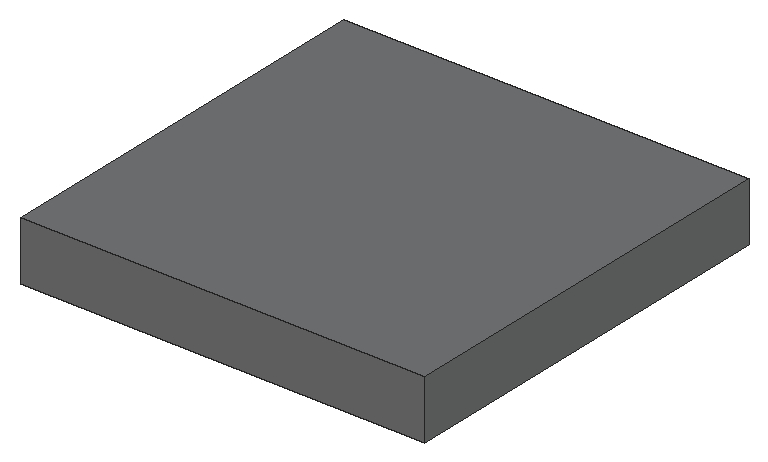
Revit family "Gira_027228", category Electrical Fixtures, host Face, Revit 2017
Family settings
  Host = Face
  Maintain Annotation Orientation = No
  Round Connector Dimension = Use Diameter
  Part Type = Normal
  Cut with Voids When Loaded = No
  Shared = No
  Room Calculation Point = No
Parameters (values of type "Cov. sup.ring devices Ø 22.5 mm System 55 anthra.")
  URL = "http://katalog.gira.de/en/datenblatt.html?artikelnr=027228"
  Transparent = "No"
  Name = "Cov. sup.ring devices Ø 22.5 mm System 55 anthra."
  Manufacturer URL = "https://www.gira.de/"
  Manufacturer = "Gira"
  Keynote = ""
  HeinzeBIM = "https://bimportal.heinze.de/bim/cov-sup-ring-devices-22-5-mm-system-55-anthra-/c7582665961822d14533a5c770f724fd4d2bfc1b"
  HAN = "027228"
  GTIN = "4010337272281"
  Description = "Cov.sup.r.devices D22.5mm Sys55 AN,Cover plate with support ring for the insertion of command and signal devices (diameter  22.5 mm),,anthracite,Notes :,- For screw mounting only.,- For push buttons, slam buttons, key buttons, non-latching buttons, illuminated buttons, and mushroom buttons, selector switches, and signal lights, e.g. from Lumitas, Rafi, Elan, or Fanal."
  Default Elevation = 1219.2 mm
  Data sheet (1) = "https://katalog.gira.de/en/download.html?artikelnr=027228"
  Category = "Insert/cover for communication technology"
  BIM (1) = "https://media.stage.bim.site/public/gira/36a6b08/Sys55_Abdeckung_Schalten und Tasten.rfa?public/gira/36a6b08/Sys55_Abdeckung_Schalten und Tasten.rfa"
  Available = "No"
  Anthrazit [instance] = Anthrazit
Reference planes
  plane 1 "Center (Front/Back)": y = 0
  plane 2: z = 0
  plane 3 "Center (Left/Right)": x = 0
Forms (mm)
  Extrusion 1, solid, material "Anthrazit" <- "Anthrazit", detail levels fine
    sketch origin (0, 0, 0) x (1, 0, 0) y (0, 1, 0)
      loop
        line (-27.5, 27.5) -> (-27.5, -27.5) -> (27.5, -27.5) -> (27.5, 27.5) -> (-27.5, 27.5)
    from 0 to 8
  Extrusion 2, void
    sketch origin (0, 0, 0) x (1, 0, 0) y (0, 1, 0)
      loop
        line (26, 26) -> (-26, 26) -> (-26, -26) -> (26, -26) -> (26, 26)
    from 0 to 6
  Extrusion 3, solid, material "Anthrazit" <- "Anthrazit", detail levels medium
    sketch origin (0, 0, 0) x (1, 0, 0) y (0, 1, 0)
      loop
        line (-27.5, 27.5) -> (-27.5, -27.5) -> (27.5, -27.5) -> (27.5, 27.5) -> (-27.5, 27.5)
    from 0 to 8
  Extrusion 4, solid, material "Anthrazit" <- "Anthrazit", detail levels medium
    sketch origin (0, 0, 0) x (1, 0, 0) y (0, 1, 0)
      loop
        line (11, -17.5) -> (11, 17.5) -> (-11, 17.5) -> (-11, -17.5) -> (11, -17.5)
    from -6 to 6
  Extrusion 5, solid, material "Anthrazit" <- "Anthrazit", detail levels fine
    sketch origin (0, 0, 0) x (1, 0, 0) y (0, 1, 0)
      loop
        line (11, 17.5) -> (-11, 17.5) -> (-11, 16.5) -> (11, 16.5) -> (11, 17.5)
      loop
        line (-11, -16.5) -> (-11, -17.5) -> (11, -17.5) -> (11, -16.5) -> (-11, -16.5)
    from -4 to 6
  Extrusion 6, solid, material "Anthrazit" <- "Anthrazit", detail levels fine
    sketch origin (0, 0, 0) x (1, 0, 0) y (0, 1, 0)
      loop
        arc (5, 9.347) -> (0, 10.6) -> (-5, 9.347) r 10.6
        line (-5, 9.347) -> (-5, -9.347)
        arc (-5, -9.347) -> (0, -10.6) -> (5, -9.347) r 10.6
        line (5, -9.347) -> (5, 9.347)
    from -6 to 6
  Extrusion 7, solid, material "Anthrazit" <- "Anthrazit", detail levels coarse
    sketch origin (0, 0, 0) x (1, 0, 0) y (0, 1, 0)
      loop
        line (-27.5, 27.5) -> (-27.5, -27.5) -> (27.5, -27.5) -> (27.5, 27.5) -> (-27.5, 27.5)
    from -6 to 8
Cuts and joins
  Extrusion 2 cuts Extrusion 1
Dimensions and locks
  aligned and locked: plane 2 to host face
  aligned and locked: level to host face
